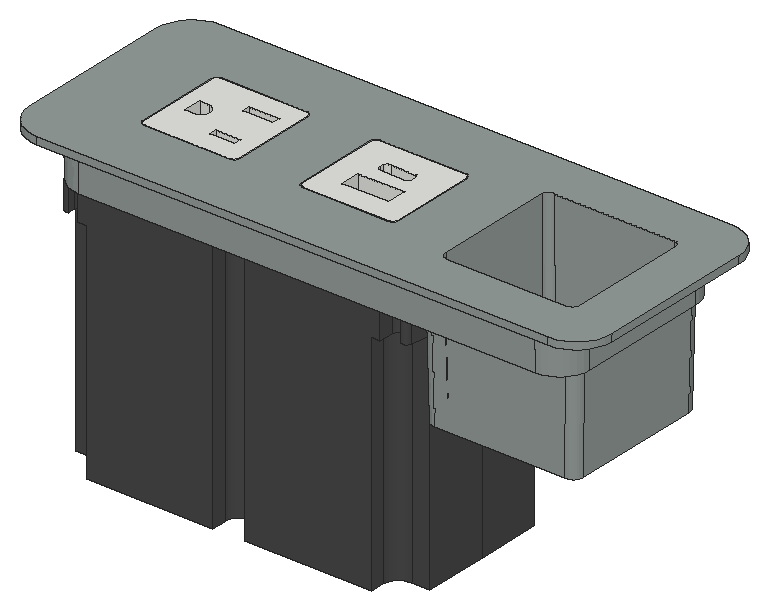
Revit family "Electrical-Teknion-YEFPA_Flush_Power_Module_Standard_Plug_In-R2022", category Furniture, Revit 2023
Family settings
  OmniClass Number = 23.40.20.00
  OmniClass Title = General Furniture and Specialties
  Work Plane-Based = No
  Enable Cutting in Views = No
  Always vertical = Yes
  Cut with Voids When Loaded = No
  Render Appearance Source = Family Geometry
  Shared = Yes
  Room Calculation Point = No
Parameters (values of type "Rectangular With Pass Through Faceplate - Triple")
  Width [instance] = if([AH - Dual], 4.724", 6.496")  # 6.496"
  Warranty = "http://www.teknion.com/ca/papers/legal-canada"
  Unit Weight URL = "http://www.teknion.com/ca/tools/assets#&asset=bee6a381-b954-425e-8283-5a2de3a804f2,f828d448-4b62-4231-9e5f-9a8991c0ed77"
  URL = "www.teknion.com"
  Triple - 3 - USB (65W) [instance] = [AZ - 2 Power/ 1 USB - A+C (65W)]  # no
  Triple - 3 - USB (18W) [instance] = [BA - 2 Power/ 1 USB -  A+C (18W)]  # no
  Triple - 3 - Power [instance] = [BJ - 3 Power]  # no
  Triple - 2 - USB (65W) [instance] = and([T - Rectangular With Pass Through], [AJ - 1 Power/ 1 USB - A+C (65W)])  # no
  Triple - 2 - USB (18W) [instance] = and([T - Rectangular With Pass Through], [AM - 1 Power/ 1 USB - A+C (18W)])  # yes
  Triple - 2 - Power [instance] = or([AZ - 2 Power/ 1 USB - A+C (65W)], [BA - 2 Power/ 1 USB -  A+C (18W)], [BJ - 3 Power], (and([T - Rectangular With Pass Through], [AS - 2 Power])))  # no
  Triple - 1 - Power [instance] = or([AZ - 2 Power/ 1 USB - A+C (65W)], [BA - 2 Power/ 1 USB -  A+C (18W)], [BJ - 3 Power], (and([T - Rectangular With Pass Through], [AJ - 1 Power/ 1 USB - A+C (65W)])), (and([T - Rectangular With Pass Through], [AM - 1 Power/ 1 USB - A+C (18W)])), (and([T - Rectangular With Pass Through], [AS - 2 Power])))  # yes
  To render please download texture images found here [instance] = "https://assets.teknion.com/web/5e81352c1dfdb467/revit-material-swatches/"
  T - Rectangular With Pass Through = yes
  Sustainability Data = "https://www.teknion.com/ca/tools/assets#&topic=216f99a5-57a0-44fc-b10a-9dee9b29ae4c&asset=444deb64-fe58-4b68-981e-f75e97781df7,b4ff2d81-9f2e-437d-9659-7cffb09c31cf"
  Series = "Power Accessories"  # constant formula
  Receptacle Finish [instance] = Plastic - Teknion - 8D - Atrium White
  R - Rectangular = no
  Product Page URL = "https://www.teknion.com/ca/product/accessories/power-accessories"
  Product Line = "Electrical"  # constant formula
  Product Documentation Link = "https://www.teknion.com/pricing/complements/pdfs/YEFPA_ppg.pdf"
  Part Number = "YEFPA"  # constant formula
  Model = "YEFPATAJ__"
  Manufacturer Phone = "416-661-3370"  # constant formula
  Manufacturer Fax = "416.661.4586"  # constant formula
  Manufacturer Contact Information = "http://www.teknion.com/ca/contactus"
  Manufacturer Address = "1150 Flint Road, Toronto, ON. M3J 2J5. Canada"  # constant formula
  Manufacturer = "Teknion"  # constant formula
  MR - T + AJ [instance] = and([T - Rectangular With Pass Through], [AJ - Triple])  # yes
  MR - R + AJ [instance] = and([R - Rectangular], [AJ - Triple])  # no
  MR - R + AH [instance] = and([R - Rectangular], [AH - Dual])  # no
  MR - C + AH [instance] = and([C - Circular], [AH - Dual])  # no
  How To Use Teknion Materials User Guide [instance] = "https://assets.teknion.com/m/205dd0a49fa58060/original/How-to-add-a-Material-Library-and-Texture-Images-to-your-Revit-project.pdf"
  For Additional Finishes please visit [instance] = "https://assets.teknion.com/m/44a8009b046e5d47/original/Teknion_Materials_Library.zip"
  Faceplate Style = "Pick One Option only"  # constant formula
  Faceplate Finish [instance] = Paint - Teknion - Accent - Blue Sage
  Faceplate - R + AJ [instance] = and([R - Rectangular], [AJ - Triple])  # no
  Faceplate - R + AH [instance] = and([R - Rectangular], [AH - Dual])  # no
  Electrical Cut Out [instance] = if([C - Circular], "Dual Available Only", if([T - Rectangular With Pass Through], "Triple available Only", "Rectangular - Dual & Triple available"))  # "Triple available Only"
  Dual - 2 - USB (65W) [instance] = and([AH - Dual], [AJ - 1 Power/ 1 USB - A+C (65W)])  # no
  Dual - 2 - USB (18W) [instance] = and([AH - Dual], [AM - 1 Power/ 1 USB - A+C (18W)])  # no
  Dual - 2 - Power [instance] = and([AH - Dual], [AS - 2 Power])  # no
  Dual - 1 - Power [instance] = and([AH - Dual], (or([AJ - 1 Power/ 1 USB - A+C (65W)], [AM - 1 Power/ 1 USB - A+C (18W)], [AS - 2 Power])))  # no
  Description = "Flush Power Module, Standard Plug-In, Rectangular With Pass Through Faceplate Style, Triple Electrical Cut Out"
  Depth [instance] = if([C - Circular], 4.724", 2.559")  # 2.559"
  Default Elevation = 0.000"
  Configuration Options [instance] = if([C - Circular], "AJ, AM & AS Available Only", if([T - Rectangular With Pass Through], "AJ, AM & AS Available Only", "Rectangular -All Options Below Available"))  # "AJ, AM & AS Available Only"
  C - Circular = no
  Body 3 - 3R [instance] = and([R - Rectangular], [AJ - Triple])  # no
  Body 2 - T [instance] = and([T - Rectangular With Pass Through], [AJ - Triple])  # yes
  Body 2 - C & 2R [instance] = and((or([C - Circular], [R - Rectangular])), [AH - Dual])  # no
  BJ - 3 Power [instance] = no
  BA - 2 Power/ 1 USB -  A+C (18W) [instance] = no
  Assembly Code = "E2020200"
  AZ - 2 Power/ 1 USB - A+C (65W) [instance] = no
  AS - 2 Power [instance] = no
  AM - 1 Power/ 1 USB - A+C (18W) [instance] = yes
  AJ - Triple [instance] = yes
  AJ - 1 Power/ 1 USB - A+C (65W) [instance] = no
  AH - Dual [instance] = no
  2D - T = [T - Rectangular With Pass Through]  # yes
  2D - R + AJ [instance] = and([R - Rectangular], [AJ - Triple])  # no
  2D - AH [instance] = [AH - Dual]  # no
Reference planes (in)
  plane 1 "Center Front/Back": y = 0
  plane 2: z = 0
  plane 3 "Center Left/Right": x = 0
  plane 4 "Left": x = -2.362
  plane 5 "Right": x = 2.362
  plane 6 "Back": y = 2.362
  plane 7 "Front": y = -2.362
  plane 8 "Top": z = 29.07874
  plane 9: z = 29
  plane 10: z = 25.69291
  plane 11: x = -2.362
  plane 12: x = 2.362
  plane 13: y = 2.362
  plane 14: y = -2.362
Forms (in)
  Sweep 1, solid, material "Paint - Teknion - Accent - Blue Sage" <- "Faceplate Finish", visible <- "C - Circular"
    path origin (0, 0, 0) x (1, 0, 0) y (0, 0, 1)
      loop
        line (0, 29.07874) -> (0, 29)
    profile origin (0, 0, 29.03937) x (0, -1, 0) y (1, 0, 0)
      loop
        circle (0, 0) r 2.3622
      loop
        arc (0.47383, -1.42854) -> (0.52254, -1.40836) -> (0.54271, -1.35965) r 0.06889
        line (0.54271, -1.35965) -> (0.54271, -0.412)
        arc (0.54271, -0.412) -> (0.52254, -0.36329) -> (0.47383, -0.34311) r 0.06889
        line (0.47383, -0.34311) -> (-0.47383, -0.34311)
        arc (-0.47383, -0.34311) -> (-0.52254, -0.36329) -> (-0.54271, -0.412) r 0.06889
        line (-0.54271, -0.412) -> (-0.54271, -1.35965)
        arc (-0.54271, -1.35965) -> (-0.52254, -1.40836) -> (-0.47383, -1.42854) r 0.06889
        line (-0.47383, -1.42854) -> (0.47383, -1.42854)
      loop
        line (0.47383, 1.42854) -> (-0.47383, 1.42854)
        arc (-0.47383, 1.42854) -> (-0.52254, 1.40836) -> (-0.54271, 1.35965) r 0.06889
        line (-0.54271, 1.35965) -> (-0.54271, 0.412)
        arc (-0.54271, 0.412) -> (-0.52254, 0.36329) -> (-0.47383, 0.34311) r 0.06889
        line (-0.47383, 0.34311) -> (0.47383, 0.34311)
        arc (0.47383, 0.34311) -> (0.52254, 0.36329) -> (0.54271, 0.412) r 0.06889
        line (0.54271, 0.412) -> (0.54271, 1.35965)
        arc (0.54271, 1.35965) -> (0.52254, 1.40836) -> (0.47383, 1.42854) r 0.06889
  SweptBlend 2, solid, material "Paint - Teknion - Accent - Blue Sage" <- "Faceplate Finish", visible <- "C - Circular"
    path origin (0, 0, 0) x (1, 0, 0) y (0, 0, 1)
      loop
        line (0, 29) -> (0, 28.52756)
    profile origin (0, 0, 29) x (0, -1, 0) y (1, 0, 0)
      loop
        arc (-1.08243, -1.66561) -> (-0.98226, -1.90745) -> (-0.74041, -2.00763) r 0.34202
        line (-0.74041, -2.00763) -> (0.74041, -2.00763)
        arc (0.74041, -2.00763) -> (0.98226, -1.90745) -> (1.08243, -1.66561) r 0.34202
        line (1.08243, -1.66561) -> (1.08243, 1.66561)
        arc (1.08243, 1.66561) -> (0.98226, 1.90745) -> (0.74041, 2.00763) r 0.34202
        line (0.74041, 2.00763) -> (-0.74041, 2.00763)
        arc (-0.74041, 2.00763) -> (-0.98226, 1.90745) -> (-1.08243, 1.66561) r 0.34202
        line (-1.08243, 1.66561) -> (-1.08243, -1.66561)
    end profile origin (0, 0, 28.52756) x (0, -1, 0) y (1, 0, 0)
      loop
        arc (-1.07443, -1.66561) -> (-0.9766, -1.9018) -> (-0.74041, -1.99963) r 0.33402
        line (-0.74041, -1.99963) -> (0.74041, -1.99963)
        arc (0.74041, -1.99963) -> (0.9766, -1.9018) -> (1.07443, -1.66561) r 0.33402
        line (1.07443, -1.66561) -> (1.07443, 1.66561)
        arc (1.07443, 1.66561) -> (0.9766, 1.9018) -> (0.74041, 1.99963) r 0.33402
        line (0.74041, 1.99963) -> (-0.74041, 1.99963)
        arc (-0.74041, 1.99963) -> (-0.9766, 1.9018) -> (-1.07443, 1.66561) r 0.33402
        line (-1.07443, 1.66561) -> (-1.07443, -1.66561)
  SweptBlend 3, void
    path origin (0, 0, 0) x (1, 0, 0) y (0, 0, 1)
      loop
        line (0, 29) -> (0, 28.52756)
    profile origin (0, 0, 29) x (0, -1, 0) y (1, 0, 0)
      loop
        line (-1.00234, -0.1345) -> (-1.00234, -1.67361)
        arc (-1.00234, -1.67361) -> (-0.81111, -1.67127) -> (-0.80172, -1.86228) r 0.1378
        arc (-0.80172, -1.86228) -> (-0.8079, -1.90446) -> (-0.77206, -1.92754) r 0.03936
        line (-0.77206, -1.92754) -> (0.77206, -1.92754)
        arc (0.77206, -1.92754) -> (0.8079, -1.90446) -> (0.80172, -1.86228) r 0.03936
        arc (0.80172, -1.86228) -> (0.81111, -1.67127) -> (1.00234, -1.67361) r 0.1378
        line (1.00234, -1.67361) -> (1.00234, -0.1345)
        arc (1.00234, -0.1345) -> (0.73979, 0) -> (1.00234, 0.1345) r 0.16573
        line (1.00234, 0.1345) -> (1.00234, 1.67361)
        arc (1.00234, 1.67361) -> (0.81111, 1.67127) -> (0.80172, 1.86228) r 0.1378
        arc (0.80172, 1.86228) -> (0.8079, 1.90446) -> (0.77206, 1.92754) r 0.03936
        line (0.77206, 1.92754) -> (-0.77206, 1.92754)
        arc (-0.77206, 1.92754) -> (-0.8079, 1.90446) -> (-0.80172, 1.86228) r 0.03936
        arc (-0.80172, 1.86228) -> (-0.81111, 1.67127) -> (-1.00234, 1.67361) r 0.1378
        line (-1.00234, 1.67361) -> (-1.00234, 0.1345)
        arc (-1.00234, 0.1345) -> (-0.73979, 0) -> (-1.00234, -0.1345) r 0.16573
    end profile origin (0, 0, 28.52756) x (0, -1, 0) y (1, 0, 0)
      loop
        line (-0.9944, -0.14927) -> (-0.9944, -1.65609)
        arc (-0.9944, -1.65609) -> (-0.79927, -1.67181) -> (-0.79569, -1.86755) r 0.1458
        arc (-0.79569, -1.86755) -> (-0.80062, -1.90115) -> (-0.77206, -1.91954) r 0.03136
        line (-0.77206, -1.91954) -> (0.77206, -1.91954)
        arc (0.77206, -1.91954) -> (0.80062, -1.90115) -> (0.79569, -1.86755) r 0.03136
        arc (0.79569, -1.86755) -> (0.79927, -1.67181) -> (0.9944, -1.65609) r 0.1458
        line (0.9944, -1.65609) -> (0.9944, -0.14927)
        arc (0.9944, -0.14927) -> (0.73179, 0) -> (0.9944, 0.14927) r 0.17373
        line (0.9944, 0.14927) -> (0.9944, 1.65609)
        arc (0.9944, 1.65609) -> (0.79927, 1.67181) -> (0.79569, 1.86755) r 0.1458
        arc (0.79569, 1.86755) -> (0.80062, 1.90115) -> (0.77206, 1.91954) r 0.03136
        line (0.77206, 1.91954) -> (-0.77206, 1.91954)
        arc (-0.77206, 1.91954) -> (-0.80062, 1.90115) -> (-0.79569, 1.86755) r 0.03136
        arc (-0.79569, 1.86755) -> (-0.79927, 1.67181) -> (-0.9944, 1.65609) r 0.1458
        line (-0.9944, 1.65609) -> (-0.9944, 0.14927)
        arc (-0.9944, 0.14927) -> (-0.73179, 0) -> (-0.9944, -0.14927) r 0.17373
  SweptBlend 4, solid, material "Paint - Teknion - Accent - Blue Sage" <- "Faceplate Finish", visible <- "Faceplate - R + AH"
    path origin (0, 0, 0) x (1, 0, 0) y (0, 0, 1)
      loop
        line (0, 29) -> (0, 28.52756)
    profile origin (0, 0, 29) x (0, -1, 0) y (1, 0, 0)
      loop
        arc (-1.08243, -1.66561) -> (-0.98226, -1.90745) -> (-0.74041, -2.00763) r 0.34202
        line (-0.74041, -2.00763) -> (0.74041, -2.00763)
        arc (0.74041, -2.00763) -> (0.98226, -1.90745) -> (1.08243, -1.66561) r 0.34202
        line (1.08243, -1.66561) -> (1.08243, 1.66561)
        arc (1.08243, 1.66561) -> (0.98226, 1.90745) -> (0.74041, 2.00763) r 0.34202
        line (0.74041, 2.00763) -> (-0.74041, 2.00763)
        arc (-0.74041, 2.00763) -> (-0.98226, 1.90745) -> (-1.08243, 1.66561) r 0.34202
        line (-1.08243, 1.66561) -> (-1.08243, -1.66561)
    end profile origin (0, 0, 28.52756) x (0, -1, 0) y (1, 0, 0)
      loop
        arc (-1.07443, -1.66561) -> (-0.9766, -1.9018) -> (-0.74041, -1.99963) r 0.33402
        line (-0.74041, -1.99963) -> (0.74041, -1.99963)
        arc (0.74041, -1.99963) -> (0.9766, -1.9018) -> (1.07443, -1.66561) r 0.33402
        line (1.07443, -1.66561) -> (1.07443, 1.66561)
        arc (1.07443, 1.66561) -> (0.9766, 1.9018) -> (0.74041, 1.99963) r 0.33402
        line (0.74041, 1.99963) -> (-0.74041, 1.99963)
        arc (-0.74041, 1.99963) -> (-0.9766, 1.9018) -> (-1.07443, 1.66561) r 0.33402
        line (-1.07443, 1.66561) -> (-1.07443, -1.66561)
  SweptBlend 5, void
    path origin (0, 0, 0) x (1, 0, 0) y (0, 0, 1)
      loop
        line (0, 29) -> (0, 28.52756)
    profile origin (0, 0, 29) x (0, -1, 0) y (1, 0, 0)
      loop
        line (-1.00234, -0.1345) -> (-1.00234, -1.67361)
        arc (-1.00234, -1.67361) -> (-0.81111, -1.67127) -> (-0.80172, -1.86228) r 0.1378
        arc (-0.80172, -1.86228) -> (-0.8079, -1.90446) -> (-0.77206, -1.92754) r 0.03936
        line (-0.77206, -1.92754) -> (0.77206, -1.92754)
        arc (0.77206, -1.92754) -> (0.8079, -1.90446) -> (0.80172, -1.86228) r 0.03936
        arc (0.80172, -1.86228) -> (0.81111, -1.67127) -> (1.00234, -1.67361) r 0.1378
        line (1.00234, -1.67361) -> (1.00234, -0.1345)
        arc (1.00234, -0.1345) -> (0.73979, 0) -> (1.00234, 0.1345) r 0.16573
        line (1.00234, 0.1345) -> (1.00234, 1.67361)
        arc (1.00234, 1.67361) -> (0.81111, 1.67127) -> (0.80172, 1.86228) r 0.1378
        arc (0.80172, 1.86228) -> (0.8079, 1.90446) -> (0.77206, 1.92754) r 0.03936
        line (0.77206, 1.92754) -> (-0.77206, 1.92754)
        arc (-0.77206, 1.92754) -> (-0.8079, 1.90446) -> (-0.80172, 1.86228) r 0.03936
        arc (-0.80172, 1.86228) -> (-0.81111, 1.67127) -> (-1.00234, 1.67361) r 0.1378
        line (-1.00234, 1.67361) -> (-1.00234, 0.1345)
        arc (-1.00234, 0.1345) -> (-0.73979, 0) -> (-1.00234, -0.1345) r 0.16573
    end profile origin (0, 0, 28.52756) x (0, -1, 0) y (1, 0, 0)
      loop
        line (-0.9944, -0.14927) -> (-0.9944, -1.65609)
        arc (-0.9944, -1.65609) -> (-0.79927, -1.67181) -> (-0.79569, -1.86755) r 0.1458
        arc (-0.79569, -1.86755) -> (-0.80062, -1.90115) -> (-0.77206, -1.91954) r 0.03136
        line (-0.77206, -1.91954) -> (0.77206, -1.91954)
        arc (0.77206, -1.91954) -> (0.80062, -1.90115) -> (0.79569, -1.86755) r 0.03136
        arc (0.79569, -1.86755) -> (0.79927, -1.67181) -> (0.9944, -1.65609) r 0.1458
        line (0.9944, -1.65609) -> (0.9944, -0.14927)
        arc (0.9944, -0.14927) -> (0.73179, 0) -> (0.9944, 0.14927) r 0.17373
        line (0.9944, 0.14927) -> (0.9944, 1.65609)
        arc (0.9944, 1.65609) -> (0.79927, 1.67181) -> (0.79569, 1.86755) r 0.1458
        arc (0.79569, 1.86755) -> (0.80062, 1.90115) -> (0.77206, 1.91954) r 0.03136
        line (0.77206, 1.91954) -> (-0.77206, 1.91954)
        arc (-0.77206, 1.91954) -> (-0.80062, 1.90115) -> (-0.79569, 1.86755) r 0.03136
        arc (-0.79569, 1.86755) -> (-0.79927, 1.67181) -> (-0.9944, 1.65609) r 0.1458
        line (-0.9944, 1.65609) -> (-0.9944, 0.14927)
        arc (-0.9944, 0.14927) -> (-0.73179, 0) -> (-0.9944, -0.14927) r 0.17373
  Sweep 6, solid, material "Paint - Teknion - Accent - Blue Sage" <- "Faceplate Finish", visible <- "Faceplate - R + AH"
    path origin (0, 0, 0) x (1, 0, 0) y (0, 0, 1)
      loop
        line (0, 29.07874) -> (0, 29)
    profile origin (0, 0, 29.03937) x (0, -1, 0) y (1, 0, 0)
      loop
        line (-1.27953, 1.96719) -> (-1.27953, -1.96719)
        arc (-1.27953, -1.96719) -> (-1.16423, -2.24554) -> (-0.88589, -2.36083) r 0.39364
        line (-0.88589, -2.36083) -> (0.88589, -2.36083)
        arc (0.88589, -2.36083) -> (1.16423, -2.24554) -> (1.27953, -1.96719) r 0.39364
        line (1.27953, -1.96719) -> (1.27953, 1.96719)
        arc (1.27953, 1.96719) -> (1.16423, 2.24554) -> (0.88589, 2.36083) r 0.39364
        line (0.88589, 2.36083) -> (-0.88589, 2.36083)
        arc (-0.88589, 2.36083) -> (-1.16423, 2.24554) -> (-1.27953, 1.96719) r 0.39364
      loop
        arc (-0.54271, -1.35965) -> (-0.52254, -1.40836) -> (-0.47383, -1.42854) r 0.06889
        line (-0.47383, -1.42854) -> (0.47383, -1.42854)
        arc (0.47383, -1.42854) -> (0.52254, -1.40836) -> (0.54271, -1.35965) r 0.06889
        line (0.54271, -1.35965) -> (0.54271, -0.412)
        arc (0.54271, -0.412) -> (0.52254, -0.36329) -> (0.47383, -0.34311) r 0.06889
        line (0.47383, -0.34311) -> (-0.47383, -0.34311)
        arc (-0.47383, -0.34311) -> (-0.52254, -0.36329) -> (-0.54271, -0.412) r 0.06889
        line (-0.54271, -0.412) -> (-0.54271, -1.35965)
      loop
        arc (-0.54271, 0.412) -> (-0.52254, 0.36329) -> (-0.47383, 0.34311) r 0.06889
        line (-0.47383, 0.34311) -> (0.47383, 0.34311)
        arc (0.47383, 0.34311) -> (0.52254, 0.36329) -> (0.54271, 0.412) r 0.06889
        line (0.54271, 0.412) -> (0.54271, 1.35965)
        arc (0.54271, 1.35965) -> (0.52254, 1.40836) -> (0.47383, 1.42854) r 0.06889
        line (0.47383, 1.42854) -> (-0.47383, 1.42854)
        arc (-0.47383, 1.42854) -> (-0.52254, 1.40836) -> (-0.54271, 1.35965) r 0.06889
        line (-0.54271, 1.35965) -> (-0.54271, 0.412)
  SweptBlend 7, solid, material "Paint - Teknion - Accent - Blue Sage" <- "Faceplate Finish", visible <- "Faceplate - R + AJ"
    path origin (-0.00003, 0, 0) x (1, 0, 0) y (0, 0, 1)
      loop
        line (0.00003, 29) -> (0.00003, 28.52756)
    profile origin (0, 0, 29) x (0, -1, 0) y (1, 0, 0)
      loop
        arc (0.74041, -2.89342) -> (0.98226, -2.79325) -> (1.08243, -2.5514) r 0.34202
        line (1.08243, -2.5514) -> (1.08243, 2.55147)
        arc (1.08243, 2.55147) -> (0.98226, 2.79331) -> (0.74041, 2.89349) r 0.34202
        line (0.74041, 2.89349) -> (-0.74041, 2.89349)
        arc (-0.74041, 2.89349) -> (-0.98226, 2.79331) -> (-1.08243, 2.55147) r 0.34202
        line (-1.08243, 2.55147) -> (-1.08243, -2.5514)
        arc (-1.08243, -2.5514) -> (-0.98226, -2.79325) -> (-0.74041, -2.89342) r 0.34202
        line (-0.74041, -2.89342) -> (0.74041, -2.89342)
    end profile origin (0, 0, 28.52756) x (0, -1, 0) y (1, 0, 0)
      loop
        arc (-1.07443, -2.5514) -> (-0.9766, -2.78759) -> (-0.74041, -2.88542) r 0.33402
        line (-0.74041, -2.88542) -> (0.74041, -2.88542)
        arc (0.74041, -2.88542) -> (0.9766, -2.78759) -> (1.07443, -2.5514) r 0.33402
        line (1.07443, -2.5514) -> (1.07443, 2.55147)
        arc (1.07443, 2.55147) -> (0.9766, 2.78765) -> (0.74041, 2.88549) r 0.33402
        line (0.74041, 2.88549) -> (-0.74041, 2.88549)
        arc (-0.74041, 2.88549) -> (-0.9766, 2.78765) -> (-1.07443, 2.55147) r 0.33402
        line (-1.07443, 2.55147) -> (-1.07443, -2.5514)
  SweptBlend 8, void
    path origin (0.00045, 0, 0) x (1, 0, 0) y (0, 0, 1)
      loop
        line (-0.886, 29) -> (-0.886, 28.52756)
    profile origin (-0.88555, 0, 29) x (0, -1, 0) y (1, 0, 0)
      loop
        line (-1.00234, -0.1345) -> (-1.00234, -1.67361)
        arc (-1.00234, -1.67361) -> (-0.81111, -1.67127) -> (-0.80172, -1.86228) r 0.1378
        arc (-0.80172, -1.86228) -> (-0.8079, -1.90446) -> (-0.77206, -1.92754) r 0.03936
        line (-0.77206, -1.92754) -> (0.77206, -1.92754)
        arc (0.77206, -1.92754) -> (0.8079, -1.90446) -> (0.80172, -1.86228) r 0.03936
        arc (0.80172, -1.86228) -> (0.81111, -1.67127) -> (1.00234, -1.67361) r 0.1378
        line (1.00234, -1.67361) -> (1.00234, -0.1345)
        arc (1.00234, -0.1345) -> (0.73979, 0) -> (1.00234, 0.1345) r 0.16573
        line (1.00234, 0.1345) -> (1.00234, 1.6366)
        arc (1.00234, 1.6366) -> (0.73979, 1.7711) -> (1.00234, 1.90559) r 0.16573
        line (1.00234, 1.90559) -> (1.00234, 3.44471)
        arc (1.00234, 3.44471) -> (0.81111, 3.44237) -> (0.80172, 3.63338) r 0.1378
        arc (0.80172, 3.63338) -> (0.8079, 3.67556) -> (0.77206, 3.69864) r 0.03936
        line (0.77206, 3.69864) -> (-0.77206, 3.69864)
        arc (-0.77206, 3.69864) -> (-0.8079, 3.67556) -> (-0.80172, 3.63338) r 0.03936
        arc (-0.80172, 3.63338) -> (-0.81111, 3.44237) -> (-1.00234, 3.44471) r 0.1378
        line (-1.00234, 3.44471) -> (-1.00234, 1.90559)
        arc (-1.00234, 1.90559) -> (-0.73979, 1.7711) -> (-1.00234, 1.6366) r 0.16573
        line (-1.00234, 1.6366) -> (-1.00234, 0.1345)
        arc (-1.00234, 0.1345) -> (-0.73979, 0) -> (-1.00234, -0.1345) r 0.16573
    end profile origin (-0.88555, 0, 28.52756) x (0, -1, 0) y (1, 0, 0)
      loop
        line (-0.9944, -0.14927) -> (-0.9944, -1.65609)
        arc (-0.9944, -1.65609) -> (-0.79927, -1.67181) -> (-0.79569, -1.86755) r 0.1458
        arc (-0.79569, -1.86755) -> (-0.80062, -1.90115) -> (-0.77206, -1.91954) r 0.03136
        line (-0.77206, -1.91954) -> (0.77206, -1.91954)
        arc (0.77206, -1.91954) -> (0.80062, -1.90115) -> (0.79569, -1.86755) r 0.03136
        arc (0.79569, -1.86755) -> (0.79927, -1.67181) -> (0.9944, -1.65609) r 0.1458
        line (0.9944, -1.65609) -> (0.9944, -0.14927)
        arc (0.9944, -0.14927) -> (0.73179, 0) -> (0.9944, 0.14927) r 0.17373
        line (0.9944, 0.14927) -> (0.9944, 1.62183)
        arc (0.9944, 1.62183) -> (0.73179, 1.7711) -> (0.9944, 1.92036) r 0.17373
        line (0.9944, 1.92036) -> (0.9944, 3.42718)
        arc (0.9944, 3.42718) -> (0.79927, 3.44291) -> (0.79569, 3.63864) r 0.1458
        arc (0.79569, 3.63864) -> (0.80062, 3.67225) -> (0.77206, 3.69064) r 0.03136
        line (0.77206, 3.69064) -> (-0.77206, 3.69064)
        arc (-0.77206, 3.69064) -> (-0.80062, 3.67225) -> (-0.79569, 3.63864) r 0.03136
        arc (-0.79569, 3.63864) -> (-0.79927, 3.44291) -> (-0.9944, 3.42718) r 0.1458
        line (-0.9944, 3.42718) -> (-0.9944, 1.92036)
        arc (-0.9944, 1.92036) -> (-0.73179, 1.7711) -> (-0.9944, 1.62183) r 0.17373
        line (-0.9944, 1.62183) -> (-0.9944, 0.14927)
        arc (-0.9944, 0.14927) -> (-0.73179, 0) -> (-0.9944, -0.14927) r 0.17373
  Sweep 9, solid, material "Paint - Teknion - Accent - Blue Sage" <- "Faceplate Finish", visible <- "Faceplate - R + AJ"
    path origin (0, 0, 0) x (1, 0, 0) y (0, 0, 1)
      loop
        line (0, 29.07874) -> (0, 29)
    profile origin (0, 0, 29.03937) x (0, -1, 0) y (1, 0, 0)
      loop
        arc (0.88589, -3.248) -> (1.16423, -3.13271) -> (1.27953, -2.85436) r 0.39364
        line (1.27953, -2.85436) -> (1.27953, 2.85436)
        arc (1.27953, 2.85436) -> (1.16423, 3.13271) -> (0.88589, 3.248) r 0.39364
        line (0.88589, 3.248) -> (-0.88589, 3.248)
        arc (-0.88589, 3.248) -> (-1.16423, 3.13271) -> (-1.27953, 2.85436) r 0.39364
        line (-1.27953, 2.85436) -> (-1.27953, -2.85436)
        arc (-1.27953, -2.85436) -> (-1.16423, -3.13271) -> (-0.88589, -3.248) r 0.39364
        line (-0.88589, -3.248) -> (0.88589, -3.248)
      loop
        arc (0.47383, -2.31434) -> (0.52254, -2.29416) -> (0.54271, -2.24545) r 0.06889
        line (0.54271, -2.24545) -> (0.54271, -1.2978)
        arc (0.54271, -1.2978) -> (0.52254, -1.24909) -> (0.47383, -1.22891) r 0.06889
        line (0.47383, -1.22891) -> (-0.47383, -1.22891)
        arc (-0.47383, -1.22891) -> (-0.52254, -1.24909) -> (-0.54271, -1.2978) r 0.06889
        line (-0.54271, -1.2978) -> (-0.54271, -2.24545)
        arc (-0.54271, -2.24545) -> (-0.52254, -2.29416) -> (-0.47383, -2.31434) r 0.06889
        line (-0.47383, -2.31434) -> (0.47383, -2.31434)
      loop
        line (0.47383, 2.31434) -> (-0.47383, 2.31434)
        arc (-0.47383, 2.31434) -> (-0.52254, 2.29416) -> (-0.54271, 2.24545) r 0.06889
        line (-0.54271, 2.24545) -> (-0.54271, 1.2978)
        arc (-0.54271, 1.2978) -> (-0.52254, 1.24909) -> (-0.47383, 1.22891) r 0.06889
        line (-0.47383, 1.22891) -> (0.47383, 1.22891)
        arc (0.47383, 1.22891) -> (0.52254, 1.24909) -> (0.54271, 1.2978) r 0.06889
        line (0.54271, 1.2978) -> (0.54271, 2.24545)
        arc (0.54271, 2.24545) -> (0.52254, 2.29416) -> (0.47383, 2.31434) r 0.06889
      loop
        line (0.47383, 0.54271) -> (-0.47383, 0.54271)
        arc (-0.47383, 0.54271) -> (-0.52254, 0.52254) -> (-0.54271, 0.47383) r 0.06889
        line (-0.54271, 0.47383) -> (-0.54271, -0.47383)
        arc (-0.54271, -0.47383) -> (-0.52254, -0.52254) -> (-0.47383, -0.54271) r 0.06889
        line (-0.47383, -0.54271) -> (0.47383, -0.54271)
        arc (0.47383, -0.54271) -> (0.52254, -0.52254) -> (0.54271, -0.47383) r 0.06889
        line (0.54271, -0.47383) -> (0.54271, 0.47383)
        arc (0.54271, 0.47383) -> (0.52254, 0.52254) -> (0.47383, 0.54271) r 0.06889
  SweptBlend 10, solid, material "Paint - Teknion - Accent - Blue Sage" <- "Faceplate Finish", visible <- "T - Rectangular With Pass Through"
    path origin (0, 0, 0) x (1, 0, 0) y (0, 0, 1)
      loop
        line (0, 29) -> (0, 28.52756)
    profile origin (0, 0, 29) x (0, -1, 0) y (1, 0, 0)
      loop
        arc (0.74041, -2.89342) -> (0.98226, -2.79325) -> (1.08243, -2.5514) r 0.34202
        line (1.08243, -2.5514) -> (1.08243, 2.55147)
        arc (1.08243, 2.55147) -> (0.98226, 2.79331) -> (0.74041, 2.89349) r 0.34202
        line (0.74041, 2.89349) -> (-0.74041, 2.89349)
        arc (-0.74041, 2.89349) -> (-0.98226, 2.79331) -> (-1.08243, 2.55147) r 0.34202
        line (-1.08243, 2.55147) -> (-1.08243, -2.5514)
        arc (-1.08243, -2.5514) -> (-0.98226, -2.79325) -> (-0.74041, -2.89342) r 0.34202
        line (-0.74041, -2.89342) -> (0.74041, -2.89342)
    end profile origin (0, 0, 28.52756) x (0, -1, 0) y (1, 0, 0)
      loop
        arc (-1.07443, -2.5514) -> (-0.9766, -2.78759) -> (-0.74041, -2.88542) r 0.33402
        line (-0.74041, -2.88542) -> (0.74041, -2.88542)
        arc (0.74041, -2.88542) -> (0.9766, -2.78759) -> (1.07443, -2.5514) r 0.33402
        line (1.07443, -2.5514) -> (1.07443, 2.55147)
        arc (1.07443, 2.55147) -> (0.9766, 2.78765) -> (0.74041, 2.88549) r 0.33402
        line (0.74041, 2.88549) -> (-0.74041, 2.88549)
        arc (-0.74041, 2.88549) -> (-0.9766, 2.78765) -> (-1.07443, 2.55147) r 0.33402
        line (-1.07443, 2.55147) -> (-1.07443, -2.5514)
  Sweep 11, solid, material "Paint - Teknion - Accent - Blue Sage" <- "Faceplate Finish", visible <- "T - Rectangular With Pass Through"
    path origin (0, 0, 0) x (1, 0, 0) y (0, 0, 1)
      loop
        line (0, 29.07874) -> (0, 29)
    profile origin (0, 0, 29.03937) x (0, -1, 0) y (1, 0, 0)
      loop
        line (-1.27953, 2.85436) -> (-1.27953, -2.85436)
        arc (-1.27953, -2.85436) -> (-1.16423, -3.13271) -> (-0.88589, -3.248) r 0.39364
        line (-0.88589, -3.248) -> (0.88589, -3.248)
        arc (0.88589, -3.248) -> (1.16423, -3.13271) -> (1.27953, -2.85436) r 0.39364
        line (1.27953, -2.85436) -> (1.27953, 2.85436)
        arc (1.27953, 2.85436) -> (1.16423, 3.13271) -> (0.88589, 3.248) r 0.39364
        line (0.88589, 3.248) -> (-0.88589, 3.248)
        arc (-0.88589, 3.248) -> (-1.16423, 3.13271) -> (-1.27953, 2.85436) r 0.39364
      loop
        arc (0.47383, -2.31434) -> (0.52254, -2.29416) -> (0.54271, -2.24545) r 0.06889
        line (0.54271, -2.24545) -> (0.54271, -1.2978)
        arc (0.54271, -1.2978) -> (0.52254, -1.24909) -> (0.47383, -1.22891) r 0.06889
        line (0.47383, -1.22891) -> (-0.47383, -1.22891)
        arc (-0.47383, -1.22891) -> (-0.52254, -1.24909) -> (-0.54271, -1.2978) r 0.06889
        line (-0.54271, -1.2978) -> (-0.54271, -2.24545)
        arc (-0.54271, -2.24545) -> (-0.52254, -2.29416) -> (-0.47383, -2.31434) r 0.06889
        line (-0.47383, -2.31434) -> (0.47383, -2.31434)
      loop
        arc (0.47383, -0.54271) -> (0.52254, -0.52254) -> (0.54271, -0.47383) r 0.06889
        line (0.54271, -0.47383) -> (0.54271, 0.47383)
        arc (0.54271, 0.47383) -> (0.52254, 0.52254) -> (0.47383, 0.54271) r 0.06889
        line (0.47383, 0.54271) -> (-0.47383, 0.54271)
        arc (-0.47383, 0.54271) -> (-0.52254, 0.52254) -> (-0.54271, 0.47383) r 0.06889
        line (-0.54271, 0.47383) -> (-0.54271, -0.47383)
        arc (-0.54271, -0.47383) -> (-0.52254, -0.52254) -> (-0.47383, -0.54271) r 0.06889
        line (-0.47383, -0.54271) -> (0.47383, -0.54271)
  SweptBlend 12, solid, material "Paint - Teknion - Accent - Blue Sage" <- "Faceplate Finish", visible <- "T - Rectangular With Pass Through"
    path origin (0, 0, 0) x (1, 0, 0) y (0, 0, 1)
      loop
        line (1.9685, 28.52756) -> (1.9685, 27.4252)
    profile origin (1.9685, 0, 28.52756) x (0, -1, 0) y (1, 0, 0)
      loop
        arc (0.8657, 0.74761) -> (0.83111, 0.83111) -> (0.74761, 0.8657) r 0.11809
        line (0.74761, 0.8657) -> (-0.74761, 0.8657)
        arc (-0.74761, 0.8657) -> (-0.83111, 0.83111) -> (-0.8657, 0.74761) r 0.11809
        line (-0.8657, 0.74761) -> (-0.8657, -0.74761)
        arc (-0.8657, -0.74761) -> (-0.83111, -0.83111) -> (-0.74761, -0.8657) r 0.11809
        line (-0.74761, -0.8657) -> (0.74761, -0.8657)
        arc (0.74761, -0.8657) -> (0.83111, -0.83111) -> (0.8657, -0.74761) r 0.11809
        line (0.8657, -0.74761) -> (0.8657, 0.74761)
    end profile origin (1.9685, 0, 27.4252) x (0, -1, 0) y (1, 0, 0)
      loop
        line (-0.84646, 0.72836) -> (-0.84646, -0.72836)
        arc (-0.84646, -0.72836) -> (-0.81187, -0.81187) -> (-0.72836, -0.84646) r 0.11809
        line (-0.72836, -0.84646) -> (0.72836, -0.84646)
        arc (0.72836, -0.84646) -> (0.81187, -0.81187) -> (0.84646, -0.72836) r 0.11809
        line (0.84646, -0.72836) -> (0.84646, 0.72836)
        arc (0.84646, 0.72836) -> (0.81187, 0.81187) -> (0.72836, 0.84646) r 0.11809
        line (0.72836, 0.84646) -> (-0.72836, 0.84646)
        arc (-0.72836, 0.84646) -> (-0.81187, 0.81187) -> (-0.84646, 0.72836) r 0.11809
  SweptBlend 13, void
    path origin (0, 0, 0) x (1, 0, 0) y (0, 0, 1)
      loop
        line (1.9685, 29.07874) -> (1.9685, 27.66142)
    profile origin (1.9685, 0, 29.07874) x (0, -1, 0) y (1, 0, 0)
      loop
        arc (0.67068, -0.74941) -> (0.72635, -0.72635) -> (0.74941, -0.67068) r 0.07873
        line (0.74941, -0.67068) -> (0.74941, 0.67068)
        arc (0.74941, 0.67068) -> (0.72635, 0.72635) -> (0.67068, 0.74941) r 0.07873
        line (0.67068, 0.74941) -> (-0.67068, 0.74941)
        arc (-0.67068, 0.74941) -> (-0.72635, 0.72635) -> (-0.74941, 0.67068) r 0.07873
        line (-0.74941, 0.67068) -> (-0.74941, -0.67068)
        arc (-0.74941, -0.67068) -> (-0.72635, -0.72635) -> (-0.67068, -0.74941) r 0.07873
        line (-0.67068, -0.74941) -> (0.67068, -0.74941)
    end profile origin (1.9685, 0, 27.66142) x (0, -1, 0) y (1, 0, 0)
      loop
        line (-0.64594, -0.72467) -> (0.64594, -0.72467)
        arc (0.64594, -0.72467) -> (0.70161, -0.70161) -> (0.72467, -0.64594) r 0.07873
        line (0.72467, -0.64594) -> (0.72467, 0.64594)
        arc (0.72467, 0.64594) -> (0.70161, 0.70161) -> (0.64594, 0.72467) r 0.07873
        line (0.64594, 0.72467) -> (-0.64594, 0.72467)
        arc (-0.64594, 0.72467) -> (-0.70161, 0.70161) -> (-0.72467, 0.64594) r 0.07873
        line (-0.72467, 0.64594) -> (-0.72467, -0.64594)
        arc (-0.72467, -0.64594) -> (-0.70161, -0.70161) -> (-0.64594, -0.72467) r 0.07873
  SweptBlend 14, void
    path origin (0, 0, 0) x (1, 0, 0) y (0, 0, 1)
      loop
        line (1.9685, 27.66142) -> (1.9685, 27.4252)
    profile origin (1.9685, 0, 27.66142) x (0, -1, 0) y (1, 0, 0)
      loop
        line (0.64593, -0.42371) -> (0.64593, 0.42371)
        arc (0.64593, 0.42371) -> (0.46625, 0.46625) -> (0.42371, 0.64593) r 0.17579
        line (0.42371, 0.64593) -> (-0.42371, 0.64593)
        arc (-0.42371, 0.64593) -> (-0.46625, 0.46625) -> (-0.64593, 0.42371) r 0.17579
        line (-0.64593, 0.42371) -> (-0.64593, -0.42371)
        arc (-0.64593, -0.42371) -> (-0.46625, -0.46625) -> (-0.42371, -0.64593) r 0.17579
        line (-0.42371, -0.64593) -> (0.42371, -0.64593)
        arc (0.42371, -0.64593) -> (0.46625, -0.46625) -> (0.64593, -0.42371) r 0.17579
    end profile origin (1.9685, 0, 27.4252) x (0, -1, 0) y (1, 0, 0)
      loop
        line (0.72054, -0.47426) -> (0.72054, 0.47426)
        arc (0.72054, 0.47426) -> (0.46722, 0.46722) -> (0.47426, 0.72054) r 0.17442
        line (0.47426, 0.72054) -> (-0.47426, 0.72054)
        arc (-0.47426, 0.72054) -> (-0.46722, 0.46722) -> (-0.72054, 0.47426) r 0.17442
        line (-0.72054, 0.47426) -> (-0.72054, -0.47426)
        arc (-0.72054, -0.47426) -> (-0.46722, -0.46722) -> (-0.47426, -0.72054) r 0.17442
        line (-0.47426, -0.72054) -> (0.47426, -0.72054)
        arc (0.47426, -0.72054) -> (0.46722, -0.46722) -> (0.72054, -0.47426) r 0.17442
  SweptBlend 15, void
    path origin (-0.88555, 0, 0) x (1, 0, 0) y (0, 0, 1)
      loop
        line (0, 29) -> (0, 28.52756)
    profile origin (-0.88555, 0, 29) x (0, -1, 0) y (1, 0, 0)
      loop
        line (-1.00234, -0.1345) -> (-1.00234, -1.67361)
        arc (-1.00234, -1.67361) -> (-0.81111, -1.67127) -> (-0.80172, -1.86228) r 0.1378
        arc (-0.80172, -1.86228) -> (-0.8079, -1.90446) -> (-0.77206, -1.92754) r 0.03936
        line (-0.77206, -1.92754) -> (0.77206, -1.92754)
        arc (0.77206, -1.92754) -> (0.8079, -1.90446) -> (0.80172, -1.86228) r 0.03936
        arc (0.80172, -1.86228) -> (0.81111, -1.67127) -> (1.00234, -1.67361) r 0.1378
        line (1.00234, -1.67361) -> (1.00234, -0.1345)
        arc (1.00234, -0.1345) -> (0.73979, 0) -> (1.00234, 0.1345) r 0.16573
        line (1.00234, 0.1345) -> (1.00234, 1.67309)
        arc (1.00234, 1.67309) -> (0.81111, 1.67075) -> (0.80172, 1.86176) r 0.1378
        arc (0.80172, 1.86176) -> (0.8079, 1.90393) -> (0.77206, 1.92701) r 0.03936
        line (0.77206, 1.92701) -> (-0.77206, 1.92701)
        arc (-0.77206, 1.92701) -> (-0.8079, 1.90393) -> (-0.80172, 1.86176) r 0.03936
        arc (-0.80172, 1.86176) -> (-0.81111, 1.67075) -> (-1.00234, 1.67309) r 0.1378
        line (-1.00234, 1.67309) -> (-1.00234, 0.1345)
        arc (-1.00234, 0.1345) -> (-0.73979, 0) -> (-1.00234, -0.1345) r 0.16573
    end profile origin (-0.88555, 0, 28.52756) x (0, -1, 0) y (1, 0, 0)
      loop
        line (-0.9944, -0.14927) -> (-0.9944, -1.65609)
        arc (-0.9944, -1.65609) -> (-0.79927, -1.67181) -> (-0.79569, -1.86755) r 0.1458
        arc (-0.79569, -1.86755) -> (-0.80062, -1.90115) -> (-0.77206, -1.91954) r 0.03136
        line (-0.77206, -1.91954) -> (0.77206, -1.91954)
        arc (0.77206, -1.91954) -> (0.80062, -1.90115) -> (0.79569, -1.86755) r 0.03136
        arc (0.79569, -1.86755) -> (0.79927, -1.67181) -> (0.9944, -1.65609) r 0.1458
        line (0.9944, -1.65609) -> (0.9944, -0.14927)
        arc (0.9944, -0.14927) -> (0.73179, 0) -> (0.9944, 0.14927) r 0.17373
        line (0.9944, 0.14927) -> (0.9944, 1.65556)
        arc (0.9944, 1.65556) -> (0.79927, 1.67129) -> (0.79569, 1.86702) r 0.1458
        arc (0.79569, 1.86702) -> (0.80062, 1.90062) -> (0.77206, 1.91901) r 0.03136
        line (0.77206, 1.91901) -> (-0.77206, 1.91901)
        arc (-0.77206, 1.91901) -> (-0.80062, 1.90062) -> (-0.79569, 1.86702) r 0.03136
        arc (-0.79569, 1.86702) -> (-0.79927, 1.67129) -> (-0.9944, 1.65556) r 0.1458
        line (-0.9944, 1.65556) -> (-0.9944, 0.14927)
        arc (-0.9944, 0.14927) -> (-0.73179, 0) -> (-0.9944, -0.14927) r 0.17373
  Sweep 16, void
    path origin (0, 0, 0) x (1, 0, 0) y (0, 0, 1)
      loop
        line (1.98819, 27.83858) -> (1.98819, 27.44832)
    profile origin (1.98819, 0, 27.64345) x (0, -1, 0) y (1, 0, 0)
      loop
        arc (0.64593, 0.40403) -> (0.46625, 0.44656) -> (0.42371, 0.62624) r 0.17579
        line (0.42371, 0.62624) -> (-0.42371, 0.62624)
        arc (-0.42371, 0.62624) -> (-0.46625, 0.44656) -> (-0.64593, 0.40403) r 0.17579
        line (-0.64593, 0.40403) -> (-0.64593, -0.4434)
        arc (-0.64593, -0.4434) -> (-0.46625, -0.48593) -> (-0.42371, -0.66561) r 0.17579
        line (-0.42371, -0.66561) -> (0.42371, -0.66561)
        arc (0.42371, -0.66561) -> (0.46625, -0.48593) -> (0.64593, -0.4434) r 0.17579
        line (0.64593, -0.4434) -> (0.64593, 0.40403)
  Sweep 17, void
    path origin (0, 0, 0) x (1, 0, 0) y (0, 0, 1)
      loop
        line (1.97548, 27.97405) -> (1.97548, 27.72405)
    profile origin (1.97548, 0, 27.84905) x (0, -1, 0) y (1, 0, 0)
      loop
        line (0.11812, -0.13901) -> (0.32053, -0.34143)
        arc (0.32053, -0.34143) -> (0.45238, -0.45935) -> (0.33445, -0.32751) r 0.08858
        line (0.33445, -0.32751) -> (0.12919, -0.1229)
        arc (0.12919, -0.1229) -> (0.17458, -0.00628) -> (0.13246, 0.11157) r 0.17896
        line (0.13246, 0.11157) -> (0.33445, 0.31356)
        arc (0.33445, 0.31356) -> (0.45238, 0.44541) -> (0.32053, 0.32748) r 0.08858
        line (0.32053, 0.32748) -> (0.12291, 0.12203)
        arc (0.12291, 0.12203) -> (0.00325, 0.16969) -> (-0.11728, 0.12426) r 0.1782
        line (-0.11728, 0.12426) -> (-0.32053, 0.32748)
        arc (-0.32053, 0.32748) -> (-0.45238, 0.44541) -> (-0.33445, 0.31356) r 0.08858
        line (-0.33445, 0.31356) -> (-0.13204, 0.11115)
        arc (-0.13204, 0.11115) -> (-0.17717, -0.00697) -> (-0.13204, -0.12509) r 0.17717
        line (-0.13204, -0.12509) -> (-0.33445, -0.32751)
        arc (-0.33445, -0.32751) -> (-0.45238, -0.45935) -> (-0.32053, -0.34143) r 0.08858
        line (-0.32053, -0.34143) -> (-0.11812, -0.13901)
        arc (-0.11812, -0.13901) -> (0, -0.18414) -> (0.11812, -0.13901) r 0.17717
  SweptBlend 18, solid, material "Plastic - Teknion - E - Ebony", visible <- "T - Rectangular With Pass Through"
    path origin (0, 0, 0) x (1, 0, 0) y (0, 0, 1)
      loop
        line (0, 27.89764) -> (0, 27.66142)
    profile origin (0, 0, 27.89764) x (0, -1, 0) y (1, 0, 0)
      loop
        line (-0.64972, 1.23972) -> (0.64972, 1.23972)
        arc (0.64972, 1.23972) -> (0.70563, 1.26288) -> (0.72879, 1.31879) r 0.07907
        line (0.72879, 1.31879) -> (0.72879, 2.61822)
        arc (0.72879, 2.61822) -> (0.70563, 2.67413) -> (0.64972, 2.69729) r 0.07907
        line (0.64972, 2.69729) -> (-0.64972, 2.69729)
        arc (-0.64972, 2.69729) -> (-0.70563, 2.67413) -> (-0.72879, 2.61822) r 0.07907
        line (-0.72879, 2.61822) -> (-0.72879, 1.31879)
        arc (-0.72879, 1.31879) -> (-0.70563, 1.26288) -> (-0.64972, 1.23972) r 0.07907
    end profile origin (0, 0, 27.66142) x (0, -1, 0) y (1, 0, 0)
      loop
        arc (-0.72467, 1.32257) -> (-0.70161, 1.2669) -> (-0.64594, 1.24384) r 0.07873
        line (-0.64594, 1.24384) -> (0.64594, 1.24384)
        arc (0.64594, 1.24384) -> (0.70161, 1.2669) -> (0.72467, 1.32257) r 0.07873
        line (0.72467, 1.32257) -> (0.72467, 2.61444)
        arc (0.72467, 2.61444) -> (0.70161, 2.67011) -> (0.64594, 2.69317) r 0.07873
        line (0.64594, 2.69317) -> (-0.64594, 2.69317)
        arc (-0.64594, 2.69317) -> (-0.70161, 2.67011) -> (-0.72467, 2.61444) r 0.07873
        line (-0.72467, 2.61444) -> (-0.72467, 1.32257)
Cuts and joins
  SweptBlend 3 cuts SweptBlend 2
  joined: Sweep 1, SweptBlend 2
  SweptBlend 5 cuts SweptBlend 4
  joined: SweptBlend 4, Sweep 6
  SweptBlend 8 cuts SweptBlend 7
  joined: SweptBlend 7, Sweep 9
  SweptBlend 13, SweptBlend 15 cuts SweptBlend 10
  SweptBlend 13 cuts Sweep 11
  SweptBlend 13, SweptBlend 14 cuts SweptBlend 12
  joined: SweptBlend 10, Sweep 11, SweptBlend 12
  Sweep 16, Sweep 17 cuts SweptBlend 18
Lines and regions (in)
  Masking region 1, visible <- "MR - C + AH"
    outline origin (0, 0, 0) x (1, 0, 0) y (0, 1, 0)
      loop
        circle (0, 0) r 2.3622
  Masking region 2, visible <- "MR - T + AJ"
    outline origin (0, 0, 0) x (1, 0, 0) y (0, 1, 0)
      loop
        line (2.09973, 0.11728) -> (2.30296, 0.32053)
        spline (2.30296, 0.32053) -> (2.34335, 0.30242) -> (2.38746, 0.30612) -> (2.42427, 0.33069) -> (2.4446, 0.37001) -> (2.44337, 0.41425) -> (2.42089, 0.45238) -> (2.38276, 0.47487) -> (2.33851, 0.4761) -> (2.29919, 0.45577) -> (2.27462, 0.41895) -> (2.27093, 0.37484) -> (2.28904, 0.33445)
        line (2.28904, 0.33445) -> (2.08663, 0.13204)
        arc (2.08663, 0.13204) -> (1.9685, 0.17717) -> (1.85038, 0.13204) r 0.17717
        line (1.85038, 0.13204) -> (1.64797, 0.33445)
        spline (1.64797, 0.33445) -> (1.66608, 0.37484) -> (1.66239, 0.41895) -> (1.63782, 0.45577) -> (1.5985, 0.4761) -> (1.55425, 0.47487) -> (1.51612, 0.45238) -> (1.49364, 0.41425) -> (1.4924, 0.37001) -> (1.51273, 0.33069) -> (1.54955, 0.30612) -> (1.59366, 0.30242) -> (1.63405, 0.32053)
        line (1.63405, 0.32053) -> (1.83646, 0.11812)
        arc (1.83646, 0.11812) -> (1.79134, 0) -> (1.83646, -0.11812) r 0.17717
        line (1.83646, -0.11812) -> (1.63405, -0.32053)
        spline (1.63405, -0.32053) -> (1.59366, -0.30242) -> (1.54955, -0.30612) -> (1.51273, -0.33069) -> (1.4924, -0.37001) -> (1.49364, -0.41425) -> (1.51612, -0.45238) -> (1.55425, -0.47487) -> (1.5985, -0.4761) -> (1.63782, -0.45577) -> (1.66239, -0.41895) -> (1.66608, -0.37484) -> (1.64797, -0.33445)
        line (1.64797, -0.33445) -> (1.85258, -0.12919)
        arc (1.85258, -0.12919) -> (1.9692, -0.17458) -> (2.08704, -0.13246) r 0.17896
        line (2.08704, -0.13246) -> (2.28904, -0.33445)
        spline (2.28904, -0.33445) -> (2.27093, -0.37484) -> (2.27462, -0.41895) -> (2.29919, -0.45577) -> (2.33851, -0.4761) -> (2.38276, -0.47487) -> (2.42089, -0.45238) -> (2.44337, -0.41425) -> (2.4446, -0.37001) -> (2.42427, -0.33069) -> (2.38746, -0.30612) -> (2.34335, -0.30242) -> (2.30296, -0.32053)
        line (2.30296, -0.32053) -> (2.0975, -0.12291)
        arc (2.0975, -0.12291) -> (2.14517, -0.00325) -> (2.09973, 0.11728) r 0.1782
      loop
        line (2.85436, 1.27953) -> (-2.85436, 1.27953)
        arc (-2.85436, 1.27953) -> (-3.13271, 1.16423) -> (-3.248, 0.88589) r 0.39364
        line (-3.248, 0.88589) -> (-3.248, -0.88589)
        arc (-3.248, -0.88589) -> (-3.13271, -1.16423) -> (-2.85436, -1.27953) r 0.39364
        line (-2.85436, -1.27953) -> (2.85436, -1.27953)
        arc (2.85436, -1.27953) -> (3.13271, -1.16423) -> (3.248, -0.88589) r 0.39364
        line (3.248, -0.88589) -> (3.248, 0.88589)
        arc (3.248, 0.88589) -> (3.13271, 1.16423) -> (2.85436, 1.27953) r 0.39364
  Masking region 3, visible <- "MR - R + AJ"
    outline origin (0, 0, 0) x (1, 0, 0) y (0, 1, 0)
      loop
        line (2.85436, 1.27953) -> (-2.85436, 1.27953)
        arc (-2.85436, 1.27953) -> (-3.13271, 1.16423) -> (-3.248, 0.88589) r 0.39364
        line (-3.248, 0.88589) -> (-3.248, -0.88589)
        arc (-3.248, -0.88589) -> (-3.13271, -1.16423) -> (-2.85436, -1.27953) r 0.39364
        line (-2.85436, -1.27953) -> (2.85436, -1.27953)
        arc (2.85436, -1.27953) -> (3.13271, -1.16423) -> (3.248, -0.88589) r 0.39364
        line (3.248, -0.88589) -> (3.248, 0.88589)
        arc (3.248, 0.88589) -> (3.13271, 1.16423) -> (2.85436, 1.27953) r 0.39364
  Masking region 4, visible <- "MR - R + AH"
    outline origin (0, 0, 0) x (1, 0, 0) y (0, 1, 0)
      loop
        line (1.96719, 1.27953) -> (-1.96719, 1.27953)
        arc (-1.96719, 1.27953) -> (-2.24554, 1.16423) -> (-2.36083, 0.88589) r 0.39364
        line (-2.36083, 0.88589) -> (-2.36083, -0.88589)
        arc (-2.36083, -0.88589) -> (-2.24554, -1.16423) -> (-1.96719, -1.27953) r 0.39364
        line (-1.96719, -1.27953) -> (1.96719, -1.27953)
        arc (1.96719, -1.27953) -> (2.24554, -1.16423) -> (2.36083, -0.88589) r 0.39364
        line (2.36083, -0.88589) -> (2.36083, 0.88589)
        arc (2.36083, 0.88589) -> (2.24554, 1.16423) -> (1.96719, 1.27953) r 0.39364
  symbolic lines, visible <- "2D - AH"
    curve 1: line (-0.34311, 0.47383, 0) -> (-0.34311, -0.47383, 0)
    curve 2: arc (-0.34311, -0.47383, 0) -> (-0.36329, -0.52254, 0) -> (-0.412, -0.54271, 0) r 0.06889
    curve 3: line (-0.412, -0.54271, 0) -> (-1.35965, -0.54271, 0)
    curve 4: arc (-1.35965, -0.54271, 0) -> (-1.40836, -0.52254, 0) -> (-1.42854, -0.47383, 0) r 0.06889
    curve 5: line (-1.42854, -0.47383, 0) -> (-1.42854, 0.47383, 0)
    curve 6: arc (-1.42854, 0.47383, 0) -> (-1.40836, 0.52254, 0) -> (-1.35965, 0.54271, 0) r 0.06889
    curve 7: line (-1.35965, 0.54271, 0) -> (-0.412, 0.54271, 0)
    curve 8: arc (-0.412, 0.54271, 0) -> (-0.36329, 0.52254, 0) -> (-0.34311, 0.47383, 0) r 0.06889
    curve 9: line (0.412, 0.54271, 0) -> (1.35965, 0.54271, 0)
    curve 10: arc (1.35965, 0.54271, 0) -> (1.40836, 0.52254, 0) -> (1.42854, 0.47383, 0) r 0.06889
    curve 11: line (1.42854, 0.47383, 0) -> (1.42854, -0.47383, 0)
    curve 12: arc (1.42854, -0.47383, 0) -> (1.40836, -0.52254, 0) -> (1.35965, -0.54271, 0) r 0.06889
    curve 13: line (1.35965, -0.54271, 0) -> (0.412, -0.54271, 0)
    curve 14: arc (0.412, -0.54271, 0) -> (0.36329, -0.52254, 0) -> (0.34311, -0.47383, 0) r 0.06889
    curve 15: line (0.34311, -0.47383, 0) -> (0.34311, 0.47383, 0)
    curve 16: arc (0.34311, 0.47383, 0) -> (0.36329, 0.52254, 0) -> (0.412, 0.54271, 0) r 0.06889
  symbolic lines, style "FurnitureHiddenLines", visible <- "2D - AH", detail levels medium+fine
    curve 17: line (1.66561, 1.08243, 0) -> (-1.66561, 1.08243, 0)
    curve 18: arc (-1.66561, 1.08243, 0) -> (-1.90745, 0.98226, 0) -> (-2.00763, 0.74041, 0) r 0.34202
    curve 19: line (-2.00763, 0.74041, 0) -> (-2.00763, -0.74041, 0)
    curve 20: arc (-2.00763, -0.74041, 0) -> (-1.90745, -0.98226, 0) -> (-1.66561, -1.08243, 0) r 0.34202
    curve 21: line (-1.66561, -1.08243, 0) -> (1.66561, -1.08243, 0)
    curve 22: arc (1.66561, -1.08243, 0) -> (1.90745, -0.98226, 0) -> (2.00763, -0.74041, 0) r 0.34202
    curve 23: line (2.00763, -0.74041, 0) -> (2.00763, 0.74041, 0)
    curve 24: arc (2.00763, 0.74041, 0) -> (1.90745, 0.98226, 0) -> (1.66561, 1.08243, 0) r 0.34202
    curve 25: arc (-1.65609, 0.9944, 0) -> (-1.67181, 0.79927, 0) -> (-1.86755, 0.79569, 0) r 0.1458
    curve 26: arc (-1.86755, 0.79569, 0) -> (-1.90115, 0.80062, 0) -> (-1.91954, 0.77206, 0) r 0.03136
    curve 27: line (-1.91954, 0.77206, 0) -> (-1.91954, -0.77206, 0)
    curve 28: arc (-1.91954, -0.77206, 0) -> (-1.90115, -0.80062, 0) -> (-1.86755, -0.79569, 0) r 0.03136
    curve 29: arc (-1.86755, -0.79569, 0) -> (-1.67181, -0.79927, 0) -> (-1.65609, -0.9944, 0) r 0.1458
    curve 30: line (-1.65609, -0.9944, 0) -> (-0.14927, -0.9944, 0)
    curve 31: arc (-0.14927, -0.9944, 0) -> (0, -0.73179, 0) -> (0.14927, -0.9944, 0) r 0.17373
    curve 32: line (0.14927, -0.9944, 0) -> (1.65609, -0.9944, 0)
    curve 33: arc (1.65609, -0.9944, 0) -> (1.67181, -0.79927, 0) -> (1.86755, -0.79569, 0) r 0.1458
    curve 34: arc (1.86755, -0.79569, 0) -> (1.90115, -0.80062, 0) -> (1.91954, -0.77206, 0) r 0.03136
    curve 35: line (1.91954, -0.77206, 0) -> (1.91954, 0.77206, 0)
    curve 36: arc (1.91954, 0.77206, 0) -> (1.90115, 0.80062, 0) -> (1.86755, 0.79569, 0) r 0.03136
    curve 37: arc (1.86755, 0.79569, 0) -> (1.67181, 0.79927, 0) -> (1.65609, 0.9944, 0) r 0.1458
    curve 38: line (1.65609, 0.9944, 0) -> (0.14927, 0.9944, 0)
    curve 39: arc (0.14927, 0.9944, 0) -> (0, 0.73179, 0) -> (-0.14927, 0.9944, 0) r 0.17373
    curve 40: line (-0.14927, 0.9944, 0) -> (-1.65609, 0.9944, 0)
  symbolic lines, visible <- "2D - R + AJ"
    curve 41: line (-2.24545, 0.54271, 0) -> (-1.2978, 0.54271, 0)
    curve 42: arc (-1.2978, 0.54271, 0) -> (-1.24909, 0.52254, 0) -> (-1.22891, 0.47383, 0) r 0.06889
    curve 43: line (-1.22891, 0.47383, 0) -> (-1.22891, -0.47383, 0)
    curve 44: arc (-1.22891, -0.47383, 0) -> (-1.24909, -0.52254, 0) -> (-1.2978, -0.54271, 0) r 0.06889
    curve 45: line (-1.2978, -0.54271, 0) -> (-2.24545, -0.54271, 0)
    curve 46: arc (-2.24545, -0.54271, 0) -> (-2.29416, -0.52254, 0) -> (-2.31434, -0.47383, 0) r 0.06889
    curve 47: line (-2.31434, -0.47383, 0) -> (-2.31434, 0.47383, 0)
    curve 48: arc (-2.31434, 0.47383, 0) -> (-2.29416, 0.52254, 0) -> (-2.24545, 0.54271, 0) r 0.06889
    curve 49: line (-0.47383, 0.54271, 0) -> (0.47383, 0.54271, 0)
    curve 50: arc (0.47383, 0.54271, 0) -> (0.52254, 0.52254, 0) -> (0.54271, 0.47383, 0) r 0.06889
    curve 51: line (0.54271, 0.47383, 0) -> (0.54271, -0.47383, 0)
    curve 52: arc (0.54271, -0.47383, 0) -> (0.52254, -0.52254, 0) -> (0.47383, -0.54271, 0) r 0.06889
    curve 53: line (0.47383, -0.54271, 0) -> (-0.47383, -0.54271, 0)
    curve 54: arc (-0.47383, -0.54271, 0) -> (-0.52254, -0.52254, 0) -> (-0.54271, -0.47383, 0) r 0.06889
    curve 55: line (-0.54271, -0.47383, 0) -> (-0.54271, 0.47383, 0)
    curve 56: arc (-0.54271, 0.47383, 0) -> (-0.52254, 0.52254, 0) -> (-0.47383, 0.54271, 0) r 0.06889
    curve 57: line (1.2978, 0.54271, 0) -> (2.24545, 0.54271, 0)
    curve 58: arc (2.24545, 0.54271, 0) -> (2.29416, 0.52254, 0) -> (2.31434, 0.47383, 0) r 0.06889
    curve 59: line (2.31434, 0.47383, 0) -> (2.31434, -0.47383, 0)
    curve 60: arc (2.31434, -0.47383, 0) -> (2.29416, -0.52254, 0) -> (2.24545, -0.54271, 0) r 0.06889
    curve 61: line (2.24545, -0.54271, 0) -> (1.2978, -0.54271, 0)
    curve 62: arc (1.2978, -0.54271, 0) -> (1.24909, -0.52254, 0) -> (1.22891, -0.47383, 0) r 0.06889
    curve 63: line (1.22891, -0.47383, 0) -> (1.22891, 0.47383, 0)
    curve 64: arc (1.22891, 0.47383, 0) -> (1.24909, 0.52254, 0) -> (1.2978, 0.54271, 0) r 0.06889
  symbolic lines, style "FurnitureHiddenLines", visible <- "2D - R + AJ", detail levels medium+fine
    curve 65: line (2.55147, 1.08243, 0) -> (-2.5514, 1.08243, 0)
    curve 66: arc (-2.5514, 1.08243, 0) -> (-2.79325, 0.98226, 0) -> (-2.89342, 0.74041, 0) r 0.34202
    curve 67: line (-2.89342, 0.74041, 0) -> (-2.89342, -0.74041, 0)
    curve 68: arc (-2.89342, -0.74041, 0) -> (-2.79325, -0.98226, 0) -> (-2.5514, -1.08243, 0) r 0.34202
    curve 69: line (-2.5514, -1.08243, 0) -> (2.55147, -1.08243, 0)
    curve 70: arc (2.55147, -1.08243, 0) -> (2.79331, -0.98226, 0) -> (2.89349, -0.74041, 0) r 0.34202
    curve 71: line (2.89349, -0.74041, 0) -> (2.89349, 0.74041, 0)
    curve 72: arc (2.89349, 0.74041, 0) -> (2.79331, 0.98226, 0) -> (2.55147, 1.08243, 0) r 0.34202
    curve 73: line (-1.03481, 0.9944, 0) -> (-2.54164, 0.9944, 0)
    curve 74: arc (-2.54164, 0.9944, 0) -> (-2.55736, 0.79927, 0) -> (-2.75309, 0.79569, 0) r 0.1458
    curve 75: arc (-2.75309, 0.79569, 0) -> (-2.7867, 0.80062, 0) -> (-2.80509, 0.77206, 0) r 0.03136
    curve 76: line (-2.80509, 0.77206, 0) -> (-2.80509, -0.77206, 0)
    curve 77: arc (-2.80509, -0.77206, 0) -> (-2.7867, -0.80062, 0) -> (-2.75309, -0.79569, 0) r 0.03136
    curve 78: arc (-2.75309, -0.79569, 0) -> (-2.55736, -0.79927, 0) -> (-2.54164, -0.9944, 0) r 0.1458
    curve 79: line (-2.54164, -0.9944, 0) -> (-1.03481, -0.9944, 0)
    curve 80: arc (-1.03481, -0.9944, 0) -> (-0.88555, -0.73179, 0) -> (-0.73628, -0.9944, 0) r 0.17373
    curve 81: line (-0.73628, -0.9944, 0) -> (0.73628, -0.9944, 0)
    curve 82: arc (0.73628, -0.9944, 0) -> (0.88555, -0.73179, 0) -> (1.03481, -0.9944, 0) r 0.17373
    curve 83: line (1.03481, -0.9944, 0) -> (2.54164, -0.9944, 0)
    curve 84: arc (2.54164, -0.9944, 0) -> (2.55736, -0.79927, 0) -> (2.75309, -0.79569, 0) r 0.1458
    curve 85: arc (2.75309, -0.79569, 0) -> (2.7867, -0.80062, 0) -> (2.80509, -0.77206, 0) r 0.03136
    curve 86: line (2.80509, -0.77206, 0) -> (2.80509, 0.77206, 0)
    curve 87: arc (2.80509, 0.77206, 0) -> (2.7867, 0.80062, 0) -> (2.75309, 0.79569, 0) r 0.03136
    curve 88: arc (2.75309, 0.79569, 0) -> (2.55736, 0.79927, 0) -> (2.54164, 0.9944, 0) r 0.1458
    curve 89: line (2.54164, 0.9944, 0) -> (1.03481, 0.9944, 0)
    curve 90: arc (1.03481, 0.9944, 0) -> (0.88555, 0.73179, 0) -> (0.73628, 0.9944, 0) r 0.17373
    curve 91: line (0.73628, 0.9944, 0) -> (-0.73628, 0.9944, 0)
    curve 92: arc (-0.73628, 0.9944, 0) -> (-0.88555, 0.73179, 0) -> (-1.03481, 0.9944, 0) r 0.17373
  symbolic lines, style "FurnitureHiddenLines", visible <- "2D - T", detail levels medium+fine
    curve 93: line (2.55147, 1.08243, 0) -> (-2.5514, 1.08243, 0)
    curve 94: arc (-2.5514, 1.08243, 0) -> (-2.79325, 0.98226, 0) -> (-2.89342, 0.74041, 0) r 0.34202
    curve 95: line (-2.89342, 0.74041, 0) -> (-2.89342, -0.74041, 0)
    curve 96: arc (-2.89342, -0.74041, 0) -> (-2.79325, -0.98226, 0) -> (-2.5514, -1.08243, 0) r 0.34202
    curve 97: line (-2.5514, -1.08243, 0) -> (2.55147, -1.08243, 0)
    curve 98: arc (2.55147, -1.08243, 0) -> (2.79331, -0.98226, 0) -> (2.89349, -0.74041, 0) r 0.34202
    curve 99: line (2.89349, -0.74041, 0) -> (2.89349, 0.74041, 0)
    curve 100: arc (2.89349, 0.74041, 0) -> (2.79331, 0.98226, 0) -> (2.55147, 1.08243, 0) r 0.34202
    curve 101: line (-1.03481, 0.9944, 0) -> (-2.54164, 0.9944, 0)
